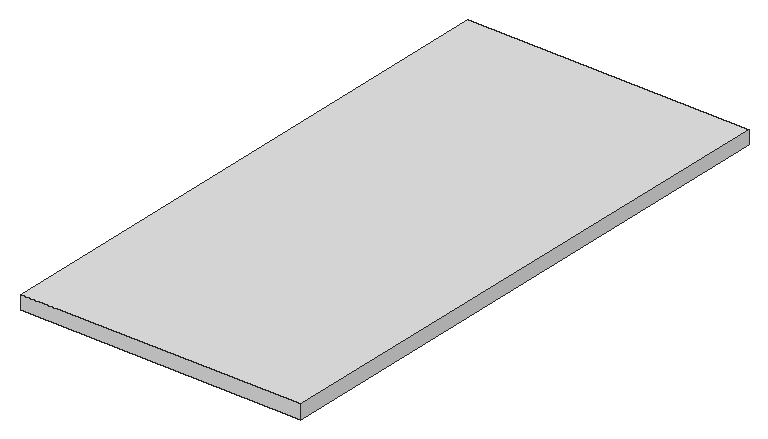
Revit family "LE Shower", category Furniture, Revit 2018
Family settings
  OmniClass Number = 23.40.20.00
  OmniClass Title = General Furniture and Specialties
  Work Plane-Based = No
  Always vertical = Yes
  Cut with Voids When Loaded = No
  Shared = No
  Room Calculation Point = No
Parameters (values of type "1800x900mm Shower Tray")
  Width = 900 mm
  URL = "https://studiole.uk"
  Manufacturer = "LE"
  Length = 1800 mm
  Height = 45 mm
  Corner Radius = 75 mm
  Frame Material = Generic, White
  Bezel = 30 mm
Types (7, lengths in mm): name | Width | Length
  1200x800mm Shower Tray | 800 | 1200
  1200x1000mm Shower Tray | 1000 | 1200
  1000x1000mm Shower Tray | 1000 | 1000
  1400x800mm Shower Tray | 800 | 1400
  1500x800mm Shower Tray | 800 | 1500
  1800x800mm Shower Tray | 800 | 1800
  1800x900mm Shower Tray | 900 | 1800
Reference planes
  plane 1 "Center (Front/Back)": y = 0
  plane 2: z = 0
  plane 3 "Center (Left/Right)": x = 0
  plane 4 "Left": x = -450
  plane 5 "Right": x = 450
  plane 6 "Foot": y = -900
  plane 7 "Head": y = 900
  plane 8 "Height": z = 45
  plane 9 "Chair 4": x = -420
  plane 10 "Chair 5": x = 420
  plane 11 "Chair 6": y = 870
  plane 12 "Chair 7": y = -870
  plane 13 "Chair 8": y = 795
  plane 14 "Chair 9": y = -795
  plane 15 "Chair 12": x = -345
  plane 16 "Chair 13": x = 345
Forms (mm)
  Extrusion 1, solid, material "Generic, White" <- "Frame Material"
    sketch origin (0, 0, 0) x (1, 0, 0) y (0, 1, 0)
      loop
        line (-450, 900) -> (-450, -900) -> (450, -900) -> (450, 900) -> (-450, 900)
    from 0 to 45 <- "Height"
Lines and regions (mm)
  model lines
    curve 1: line (420, 795, 45) -> (420, -795, 45)
    curve 2: line (-420, 795, 45) -> (-420, -795, 45)
    curve 3: line (-345, 870, 45) -> (345, 870, 45)
    curve 4: line (-345, -870, 45) -> (345, -870, 45)
    curve 5: arc (-345, -870, 45) -> (-398.033, -848.033, 45) -> (-420, -795, 45) r 75
    curve 6: arc (-420, 795, 45) -> (-398.033, 848.033, 45) -> (-345, 870, 45) r 75
    curve 7: arc (345, 870, 45) -> (398.033, 848.033, 45) -> (420, 795, 45) r 75
    curve 8: arc (420, -795, 45) -> (398.033, -848.033, 45) -> (345, -870, 45) r 75
Dimensions and locks
  "Length": plane 7 "Head" to plane 6 "Foot"
  equal spacing: plane 7 "Head", plane 1 "Center (Front/Back)", plane 6 "Foot"
  "Width": plane 4 "Left" to plane 5 "Right"
  equal spacing: plane 4 "Left", plane 3 "Center (Left/Right)", plane 5 "Right"
  "Height": plane 8 "Height" to plane 2
  "Bezel": plane 12 "Chair 7" to plane 6 "Foot"
  "Bezel": plane 7 "Head" to plane 11 "Chair 6"
  "Bezel": plane 4 "Left" to plane 9 "Chair 4"
  "Bezel": plane 10 "Chair 5" to plane 5 "Right"
  "Corner Radius": plane 14 "Chair 9" to plane 12 "Chair 7"
  "Corner Radius": plane 11 "Chair 6" to plane 13 "Chair 8"
  "Corner Radius": plane 9 "Chair 4" to plane 15 "Chair 12"
  "Corner Radius": plane 16 "Chair 13" to plane 10 "Chair 5"
  aligned and locked: level to plane 2
Automatic sketch dimensions
  Extrusion 1 sketch curve to plane 4 "Left" = 0 mm
  Extrusion 1 sketch curve to plane 5 "Right" = 0 mm
  Extrusion 1 sketch curve to plane 6 "Foot" = 0 mm
  Extrusion 1 sketch curve to plane 7 "Head" = 0 mm
  plane 12 "Chair 7" to curve 4 = 0 mm
  curve 2 to plane 9 "Chair 4" = 0 mm
  curve 2 to plane 14 "Chair 9" = 0 mm
  curve 1 to plane 14 "Chair 9" = 0 mm
  curve 1 to plane 13 "Chair 8" = 0 mm
  curve 6 to plane 13 "Chair 8" = 0 mm
  curve 3 to plane 11 "Chair 6" = 0 mm
  curve 4 to plane 16 "Chair 13" = 0 mm
